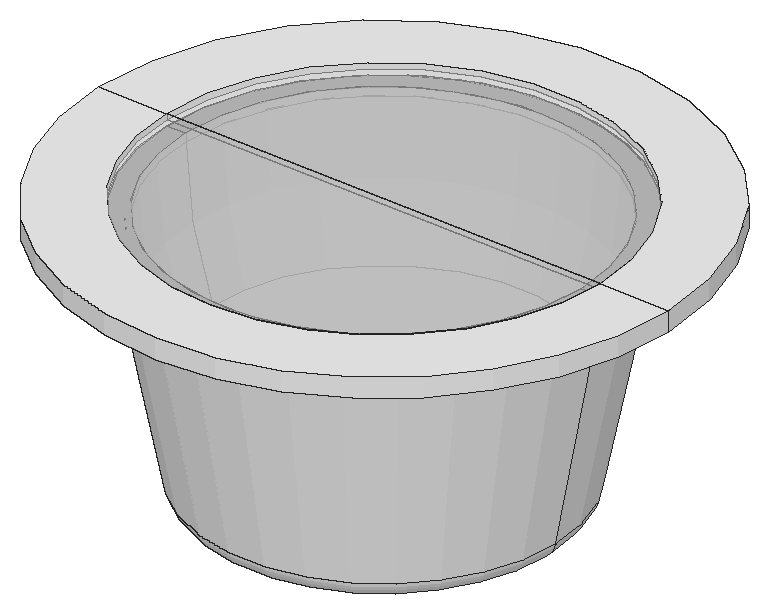
Revit family "2060541+2028034 Sylvania Lighting Fixture ASCENT 100 II ARCH 1000 3K STD EMG 160 with IP44 Clear Glass", category Lighting Fixtures, host Face, Revit 2016
Family settings
  Host = Face
  Part Type = Normal
  Round Connector Dimension = Use Diameter
  OmniClass Number = 23.80.70.11.17
  OmniClass Title = Specialized Lighting by Location or Use
  Cut with Voids When Loaded = No
  Light Source = Yes
  Shared = No
  Room Calculation Point = No
Parameters (values of type "2060541+2028034 ASCT100 II ARCH 1000 3K STD EMG 160 with IP44 Clear Glass")
  WidthBezelAcc_SYL = 25.0 mm
  Weight = "1.92 kg"
  Wattage = 9 W
  WarrantyStartDate [instance] = "n/a"
  WarrantyGuarantorParts = "n/a"
  WarrantyDurationUnit = "n/a"
  WarrantyDurationParts = "n/a"
  WarrantyDescription = "n/a"
  built-in parameter 1150110 = 1 (stored number, unit not read)
  Voltage = 0 V
  VisibilityAccessory_SYL = yes
  TypeName = "ASCENT 100 II ARCH 1000 3K STD EMG 160"
  built-in parameter 1114217 = 1 (stored number, unit not read)
  Tilt Angle = -90°
  built-in parameter 1150109 = 1 (stored number, unit not read)
  built-in parameter 1150134 = (empty or 0)
  built-in parameter 1150113 = 1 (stored number, unit not read)
  SerialNumber [instance] = "n/a"
  ReflectorRadius_SYL = Radius_SYL - 14.5 mm  # 80.0 mm
  RadiusAcc_SYL = 105.0 mm
  Radius_SYL = 94.5 mm
  URL = "http://www.sylvania-lighting.com"
  PowerFactor = 0
  PowerConsumption = "9 W"
  Photometric Web File = "2060541.ies"
  NominalWidth = 0.0 mm
  NominalLength = 0.0 mm
  NominalHeight = 94.0 mm
  Name = "ASCENT 100 II ARCH 1000 3K STD EMG 160"
  ModelReference = "ASCENT 100 II ARCH 1000 3K STD EMG 160"
  ModelNumber = "2060541+2028034"
  Material_4_SYL = none
  Material_3_SYL = Polycarbonate_Sylvania_Ascent_Clear
  Material_2_SYL = Aluminium_Sylvania_Ascent_Silver
  Material_1_SYL = Aluminum_Sylvania_Ascent_White
  Material = "aluminium housing, arcylic diffuser"
  ManufacturerName = "Feilo Sylvania"
  LuminousEfficacy = "108 lm/W"
  built-in parameter 1150105 = 77.349 (stored number, unit not read)
  Lumens = 972 lm
  LuminaireType = ""
  built-in parameter 1150115 = 1 (stored number, unit not read)
  LightOutputRatio = "100"
  built-in parameter 1150137 = (empty or 0)
  built-in parameter 1150139 = (empty or 0)
  LampsType = Lamp  # "LED"
  LampNominalLuminous = "968 lm"
  LampMacAdamStep = "3"
  LampColourTemperature = "3000 K"
  LampColourRenderingIndex = "80"
  built-in parameter 1150112 = 1 (stored number, unit not read)
  built-in parameter 1150114 = 1 (stored number, unit not read)
  Keynote = "16500"
  InstallationDate [instance] = "n/a"
  InputVoltage = "n/a"
  InputNominalFrequency = "n/a"
  built-in parameter 1150132 = (empty or 0)
  built-in parameter 1150102 = (empty or 0)
  built-in parameter 1150107 = 3000 (stored number, unit not read)
  built-in parameter 1150138 = (empty or 0)
  IngressProtection = "IP44"
  ImpactProtectionIndex = "IK02"
  built-in parameter 1150106 = 0.77349 (stored number, unit not read)
  IfcExportType = "IfcLightFixtureType"
  IfcExportAs = "IfcLightFixtureType"
  Height_SYL = 94.0 mm
  HeightAcc_SYL = 7.0 mm
  ExpectedLife = 50000
  EmittionSurface_SYL = if(VisibilityAccessory_SYL, 7.0 mm, 3.0 mm)  # 7.0 mm
  Emit from Circle Diameter = DiffuserRadius_SYL * 2  # 146.0 mm
  Emit Shape Visible in Rendering = no
  ElectricShockClassification = "Class II"
  built-in parameter 1150104 = 10.034 (stored number, unit not read)
  DurationUnit = "hours"
  DocumentationLiterature = "http://www.sylvania-lighting.com/product/en-int/products/2060541"
  DimmingControlOptions = "n/a"
  Dimming Lamp Color Temperature Shift = <None>
  DiffuserRadius_SYL = ReflectorRadius_SYL - 7.0 mm  # 73.0 mm
  Diameter_SYL = 2 * Radius_SYL  # 189.0 mm
  CutoutDiameter_SYL = Diameter_SYL - 13.0 mm  # 176.0 mm
  CreatedOn = "9/17/2018"
  CreatedBy = "@sylvania-lighting.com"
  Color Filter = 16777215
  built-in parameter 1114216 [instance] = 1 (stored number, unit not read)
  Model = "ASCENT 100 II ARCH 1000 3K STD EMG 160"
  Manufacturer = "Feilo Sylvania"
  Lamp = "LED"
  Description = "Direct LED retro fit for original LED 100 Arch (160) single CFL lamp offering Matching lumen levels and improved light distribution of original LED 100 CFL lamp equivalents Typically half the power consumption compared to CFL Up to 112lm/W 160mm aperture Architectural reflector accepts range of glass accessories from existing LED 100 Arch 160 offering HE, HO and VHO versions equivalent of single 1 x 18W, 1 x 32W, 1 x 42W\r\n Additional VVHO versions which offer the performance circa 2 x 32W equivalent"  # constant formula
  Default Elevation = 0.0 mm
  built-in parameter 1140040 [instance] = 1
  BarCode [instance] = "n/a"
  built-in parameter 1114218 = 1 (stored number, unit not read)
  built-in parameter 1150133 = 10 (stored number, unit not read)
  AssetType = "Fixed"
  AssetIdentifier [instance] = "n/a"
  Assembly Code = "D5020200"
  Apparent Load = 9 VA
  Aperture_SYL = 2 * ReflectorRadius_SYL  # 160.0 mm
Types (2, lengths in mm): name | Wattage | TypeName | Photometric Web File | Name | ModelReference | built-in parameter 1150105 | Lumens | built-in parameter 1150106 | Model | Apparent Load
  2060541+2028034 ASCT100 II ARCH 1000 3K STD EMG 160 with IP44 Clear Glass | 9 W | "ASCENT 100 II ARCH 1000 3K STD EMG 160" | "2060541.ies" | "ASCENT 100 II ARCH 1000 3K STD EMG 160" | "ASCENT 100 II ARCH 1000 3K STD EMG 160" | 77.349 (stored number, unit not read) | 972 lm | 0.77349 (stored number, unit not read) | "ASCENT 100 II ARCH 1000 3K STD EMG 160" | 9 VA
  2060541+2028034 ASCT100 II ARCH 1000 3K STD EMG 160 with IP44 Clear Glass Emergency mode | 1.65741 W | "ASCT100 II ARCH 1000 3K STD EMG 160 with IP44 Clear Glass Emergency mode" | "2060541EM.ies" | "ASCT100 II ARCH 1000 3K STD EMG 160 with IP44 Clear Glass Emergency mode" | "ASCT100 II ARCH 1000 3K STD EMG 160 with IP44 Clear Glass Emergency mode" | 14.244 (stored number, unit not read) | 179 lm | 0.14244 (stored number, unit not read) | "ASCT100 II ARCH 1000 3K STD EMG 160 with IP44 Clear Glass Emergency mode" | 1.65741 VA
Reference planes
  plane 1 "Center (Front/Back)": y = 0
  plane 2: z = 0
  plane 3 "Center (Left/Right)": x = 0
  plane 4 "Fixture Bottom": z = 3
  plane 5: z = -52.5
  plane 6 "Fixture Top": z = -91
  plane 7: x = -105
  plane 8: z = 7
  plane 9: x = -80
  plane 10: z = 5
  plane 11: x = -103
Forms (mm)
  Extrusion 1, solid, material "Aluminum_Sylvania_Ascent_White", detail levels fine
    sketch origin (0, 0, 0) x (1, 0, 0) y (0, 1, 0)
      loop
        circle (0, 0) r 94.5
      loop
        circle (0, 0) r 80
    from 0 to 3
  Extrusion 2, void
    sketch origin (0, 0, 0) x (1, 0, 0) y (0, 1, 0)
      loop
        circle (0, 0) r 88
    from -91 to 3
  Revolve 3, solid, material "Aluminum_Sylvania_Ascent_White" <- "Material_1_SYL", detail levels fine
    sketch origin (0, 0, 0) x (1, 0, 0) y (0, 0, 1)
      loop
        line (0, -91.073) -> (0, -89.023) -> (-55.468, -89.014)
        arc (-55.468, -89.014) -> (-59.352, -87.613) -> (-61.54, -84.139) r 6.307
        line (-61.54, -84.139) -> (-77.991, -2.844) -> (-77.991, 0) -> (-80, 0) -> (-80, -3) -> (-63.5, -84.536)
        arc (-63.5, -84.536) -> (-60.643, -89.203) -> (-55.5, -91.073) r 8.291
        line (-55.5, -91.073) -> (0, -91.073)
      axis (0, 0) -> (0, -91.073)
    angle from 0 to 360
  Revolve 4, solid, material "Aluminium_Sylvania_Ascent_Silver" <- "Material_2_SYL", detail levels fine
    sketch origin (0, 0, 0) x (1, 0, 0) y (0, 0, 1)
      loop
        line (-80, 3) -> (-80, 0) -> (-75, 0)
        arc (-75, 0) -> (-72.349, -26.77) -> (-64.5, -52.5) r 136.5
        line (-64.5, -52.5) -> (-58, -52.5)
        arc (-58, -52.5) -> (-56.857, -61.521) -> (-53.5, -69.971) r 36.166
        line (-53.5, -69.971) -> (0, -69.971) -> (0, -50.5) -> (-63.16, -50.5)
        arc (-63.16, -50.5) -> (-70.517, -25.725) -> (-73, 0) r 134.5
        line (-73, 0) -> (-73, 3) -> (-80, 3)
      axis (0, 3) -> (0, -69.971)
    angle from 0 to 360
  Extrusion 5, solid, material "Polycarbonate_Sylvania_Ascent_Clear" <- "Material_3_SYL", detail levels fine
    sketch origin (0, 0, 0) x (1, 0, 0) y (0, 1, 0)
      loop
        circle (0, 0) r 73
    from 0 to 3
  Revolve 6, solid, material "Aluminum_Sylvania_Ascent_White" <- "Material_1_SYL", detail levels coarse+medium
    sketch origin (0, 0, 0) x (1, 0, 0) y (0, 0, 1)
      loop
        line (0, -91.073) -> (0, 3) -> (-94.5, 3) -> (-94.5, 0) -> (-79.5, 0) -> (-79.5, -3) -> (-63, -84.536)
        arc (-63, -84.536) -> (-60.143, -89.203) -> (-55, -91.073) r 8.291
        line (-55, -91.073) -> (0, -91.073)
      axis (0, 3) -> (0, -91.073)
    angle from 0 to 360
  Revolve 7, solid, material "Aluminum_Sylvania_Ascent_White" <- "Material_1_SYL", visible <- "VisibilityAccessory_SYL"
    sketch origin (0, 0, 0) x (1, 0, 0) y (0, 0, 1)
      loop
        line (-105, 0) -> (-103, 0) -> (-103, 5) -> (-80, 5) -> (-80, 7) -> (-105, 7) -> (-105, 0)
      axis (0, 7) -> (0, 0)
    angle from 0 to 360
  Revolve 8, solid, material "Polycarbonate_Sylvania_Ascent_Clear" <- "Material_3_SYL", visible <- "VisibilityAccessory_SYL"
    sketch origin (0, 0, 0) x (1, 0, 0) y (0, 0, 1)
      loop
        line (-80, 7) -> (-80, 5) -> (0, 5) -> (0, 7) -> (-80, 7)
      axis (0, 7) -> (0, 5)
    angle from 0 to 360
Lines and regions (mm)
  reference lines
    curve 1: line (-150, 0, 7) -> (125, 0, 7)
Dimensions and locks
  locked: plane 4 "Fixture Bottom" to plane 2 at 3
  "Height_SYL": plane 4 "Fixture Bottom" to plane 6 "Fixture Top"
  "ReflectorRadius_SYL": plane 3 "Center (Left/Right)" to Revolve 4 sketch curve
  locked: Revolve 4 sketch curve to Revolve 4 sketch curve at 15.5
  locked: Revolve 4 sketch curve to Revolve 4 sketch curve at 5
  locked: Revolve 4 sketch curve to Revolve 4 sketch curve at 7
  locked: Revolve 4 sketch curve to Revolve 4 sketch curve at 22
  locked: Revolve 4 sketch curve to Revolve 4 sketch curve at 26.5
  locked: Revolve 3 sketch curve to Revolve 3 sketch curve at 16.5
  locked: Revolve 3 sketch curve to Revolve 3 sketch curve at 24.5
  "ReflectorRadius_SYL": Revolve 3 sketch curve to plane 3 "Center (Left/Right)"
  locked: Revolve 3 sketch curve to plane 6 "Fixture Top" at 6.464
  locked: plane 2 to Revolve 3 sketch curve at 3
  locked: Revolve 3 sketch curve to Revolve 3 sketch curve at 2
  locked: Revolve 3 sketch curve to Revolve 3 sketch curve at 2.009
  locked: plane 2 to plane 5 at 52.5
  locked: Revolve 6 sketch curve to Revolve 6 sketch curve at 31.5
  locked: Revolve 6 sketch curve to Revolve 6 sketch curve at 39.5
  locked: Revolve 6 sketch curve to Revolve 6 sketch curve at 15
  "Radius_SYL": plane 3 "Center (Left/Right)" to Revolve 6 sketch curve
  "RadiusAcc_SYL": plane 3 "Center (Left/Right)" to plane 7
  "HeightAcc_SYL": plane 8 to level
  "WidthBezelAcc_SYL": plane 7 to plane 9
  locked: plane 7 to plane 11 at 2
  locked: plane 8 to plane 10 at 2
  "EmittionSurface_SYL": curve 1 to level
  "CutoutDiameter_SYL": diameter of Extrusion 2 sketch curve
  "ReflectorRadius_SYL": radius of Extrusion 1 sketch curve
  "DiffuserRadius_SYL": radius of Extrusion 5 sketch curve
  "Radius_SYL": radius of Extrusion 1 sketch curve
  aligned and locked: host face to plane 2
  aligned and locked: host face to level
  aligned and locked: plane 4 "Fixture Bottom" to Extrusion 1
  aligned and locked: Extrusion 1 to plane 2
  aligned and locked: Revolve 3 sketch curve to plane 3 "Center (Left/Right)"
  aligned and locked: Revolve 4 sketch curve to plane 3 "Center (Left/Right)"  (x2)
  aligned and locked: plane 4 "Fixture Bottom" to Revolve 4 sketch curve
  aligned and locked: Extrusion 5 to plane 2
  aligned and locked: plane 2 to Revolve 3 sketch curve  (x2)
  aligned and locked: Revolve 6 sketch curve to plane 3 "Center (Left/Right)"
  aligned and locked: plane 6 "Fixture Top" to Extrusion 2
  aligned and locked: Revolve 7 sketch curve to plane 3 "Center (Left/Right)"
  aligned and locked: host face to Revolve 7 sketch curve  (x2)
  aligned and locked: Revolve 7 sketch curve to plane 7
  aligned and locked: plane 8 to Revolve 7 sketch curve
  aligned and locked: plane 9 to Revolve 7 sketch curve
  aligned and locked: Revolve 7 sketch curve to plane 10
  aligned and locked: plane 11 to Revolve 7 sketch curve
  aligned and locked: Revolve 7 to Revolve 8 sketch curve
  aligned and locked: Revolve 8 sketch curve to Revolve 7  (x2)
  aligned and locked: Revolve 8 sketch curve to plane 3 "Center (Left/Right)"  (x2)
  aligned and locked: plane 3 "Center (Left/Right)" to imposter light
  aligned and locked: imposter light to plane 1 "Center (Front/Back)"
  aligned and locked: imposter light to curve 1
Automatic sketch dimensions
  plane 1 "Center (Front/Back)" to Extrusion 2 sketch curve = 0.0 mm
  Extrusion 2 sketch curve to plane 3 "Center (Left/Right)" = 0.0 mm
  Extrusion 1 sketch curve to Extrusion 1 sketch curve = 0.0 mm  (x2)
  plane 1 "Center (Front/Back)" to Extrusion 1 sketch curve = 0.0 mm
  Extrusion 1 sketch curve to plane 3 "Center (Left/Right)" = 0.0 mm
  plane 6 "Fixture Top" to Revolve 3 sketch curve = 0.073 mm
  Revolve 3 sketch curve to plane 6 "Fixture Top" = 6.861 mm
  Revolve 3 sketch curve to Revolve 3 sketch curve = 0.003 mm
  Revolve 3 sketch curve to Revolve 3 sketch curve = 0.009 mm  (x2)
  Revolve 3 sketch curve to Revolve 3 sketch curve = 0.023 mm
  Revolve 3 sketch curve to Revolve 3 sketch curve = 0.072 mm
  Revolve 3 sketch curve to Revolve 3 sketch curve = 0.008 mm
  Revolve 3 sketch curve to plane 6 "Fixture Top" = 1.977 mm
  Revolve 3 sketch curve to Revolve 3 sketch curve = 33.496 mm
  Revolve 3 sketch curve to Revolve 3 sketch curve = 0.028 mm
  plane 4 "Fixture Bottom" to Revolve 3 sketch curve = 82.431 mm
  Revolve 4 sketch curve to Revolve 4 sketch curve = 0.0 mm  (x2)
  Revolve 4 sketch curve to plane 5 = 0.0 mm
  Revolve 4 sketch curve to level = 0.0 mm
  plane 5 to Revolve 4 sketch curve = 2.0 mm
  plane 4 "Fixture Bottom" to Revolve 4 sketch curve = 9.642 mm
  plane 1 "Center (Front/Back)" to Extrusion 5 sketch curve = 0.0 mm
  Extrusion 5 sketch curve to plane 3 "Center (Left/Right)" = 0.0 mm
  Revolve 4 sketch curve to level = 69.971 mm
  Revolve 4 sketch curve to Revolve 4 sketch curve = 2.387 mm
  Revolve 6 sketch curve to level = 0.0 mm
  Revolve 6 sketch curve to plane 3 "Center (Left/Right)" = 0.0 mm
  Revolve 6 sketch curve to Revolve 6 sketch curve = 8.104 mm
  Revolve 6 sketch curve to level = 3.0 mm
  Revolve 6 sketch curve to plane 6 "Fixture Top" = 6.464 mm
  plane 6 "Fixture Top" to Revolve 6 sketch curve = 0.073 mm
  Revolve 6 sketch curve to Revolve 6 sketch curve = 33.496 mm
  plane 4 "Fixture Bottom" to Revolve 6 sketch curve = 82.431 mm
  host sketch curve to host sketch curve = 1704.996 mm
  host sketch curve to host sketch curve = 1500.0 mm
  plane 6 "Fixture Top" to Revolve 7 sketch curve = 281.274 mm
  Revolve 7 sketch curve to plane 8 = 1140.706 mm
  plane 6 "Fixture Top" to Revolve 8 sketch curve = 281.274 mm
  Revolve 8 sketch curve to Revolve 8 sketch curve = 1140.706 mm
  Revolve 3 sketch curve to plane 3 "Center (Left/Right)" = 0.0 mm
  Revolve 6 sketch curve to plane 4 "Fixture Bottom" = 0.0 mm
  plane 7 to curve 1 = 45.0 mm
  plane 3 "Center (Left/Right)" to curve 1 = 125.0 mm
Connectors
  electrical at (0, 0, -91.073), driven by "Apparent Load"
    settings: on Revolve 3, index 1, voltage 240 V, apparent load 0 VA, apparent load phase1 9 VA, apparent load phase2 0 VA, apparent load phase3 0 VA, power factor 1, load classification "Lighting", number of poles 1, system type 31, power factor state 1, is connector primary yes, connector utility no, sub classification motor no, connector description ""
